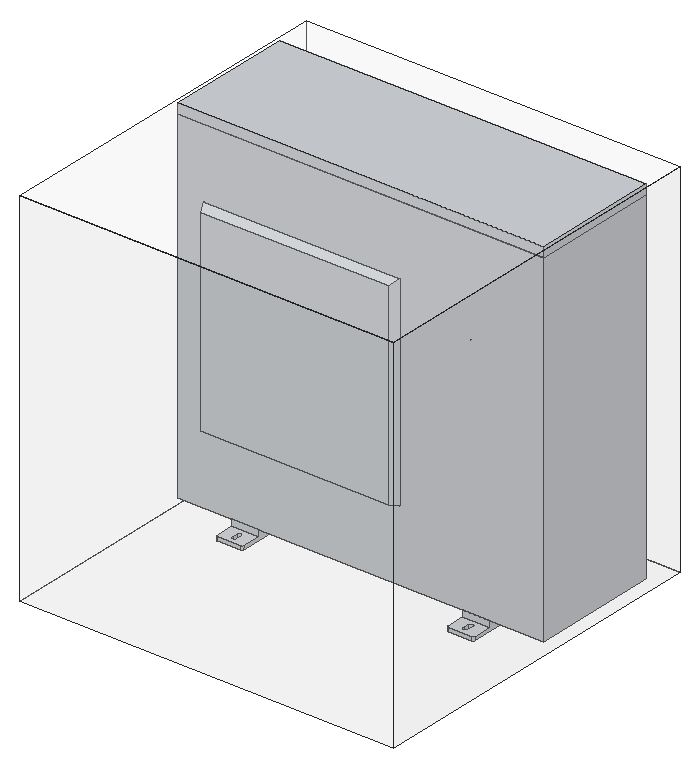
Revit family "puz-zrmp80sha_280ka13_60hz", category 機械設備, Revit 2019
Family settings
  丸型コネクタ寸法 = 直径を使用
  パーツ タイプ = 標準
  OmniClass 番号 = 23.75.10.24.21.27.27
  OmniClass タイトル = Split System Air Conditioning Units
  作業面ベース = いいえ
  常に垂直 = はい
  ロード時にボイドで切り取り = いいえ
  共有 = いいえ
  部屋計算ポイント = いいえ
Parameters (values of type "室外機_PUZ-ZRMP80SHA13 (-BS,BSG)")
  音響パワーレベル（冷）(dB) = 66
  音響パワーレベル(dB) = 68
  電源種別 = ""
  電源位置Y = 2 mm
  電源位置Z = 669 mm
  電源位置X = 275 mm
  電圧 = 200 V
  電動機出力_送風機 = 0.06 kW
  電動機出力_圧縮機 = 1.6 kW
  集中コントローラ [instance] = ""
  運転質量 = 0.00 kg
  運転方法 = "冷暖切替"
  質量 = if(製品質量 > 運転質量, 製品質量, 運転質量) * 1.2  # 84.00 kg
  負荷分類 = 1_熱源類
  説明 = "空冷H/P PAC インバータ室外機"
  設計暖房能力 [instance] = 0 kW
  設計冷房能力_顕熱 [instance] = 0 kW
  設計冷房能力 [instance] = 0 kW
  設置方法 = "床置形"
  記号 [instance] = ""
  製造元 = "三菱電機株式会社"
  製品質量 = 70.00 kg
  製品出荷対象 = "国内"
  製品リリース年月 = ""
  製品グループ = ""
  系統 [instance] = ""
  符号 = "PAC"
  積算_科目 = "1 空気調和設備"
  積算_拾い区分 [instance] = ""
  相 = 1
  盤記号 [instance] = ""
  発停方法 = "付属スイッチ"
  特殊仕様 [instance] = ""
  消費電力_暖房 = 2.34 kW
  消費電力_冷房 = 1.98 kW
  消費電力 = if(消費電力_冷房 > 消費電力_暖房, 消費電力_冷房, 消費電力_暖房)  # 2.34 kW
  法定耐用年数 = "6"
  構成品番 = "PUZ-ZRMP80SHA13 (-BS,-BSG)"
  極数 = 1
  材質 [instance] = ""
  本体マテリアル = none
  最小電線太さ_mm2 = 1.6
  最大電流値 = 0 A
  暖房能力 = 8 kW
  推奨ブレーカー容量 = 30 A
  据付ピッチ1 = 0 mm
  形式 = "パッケージ形 室外機"
  形名 = PUZ-ZRMP-2 : PUZ-ZRMP-2
  幹線記号 [instance] = ""
  始動方式 = "インバータ始動方式"
  呼称 = "パッケージ形空気調和機_室外機"
  周波数 = 60 Hz
  価格 = 0
  ドレン　位置Z = 23 mm
  ドレン　位置Y = 111 mm
  ドレン　位置X = 30 mm
  アンカーボルト位置Y = 370 mm
  アンカーボルト位置X = 600 mm
  参照している仕様書等のバージョン = "公共建築物標準仕様書（機械設備工事編）平成31年度版"
  分類コード = "50053003126100"
  分類グループ = ""
  冷房能力 = 7.1 kW
  冷媒管（ガス）位置X = 434 mm
  冷媒管（液）位置X = 377 mm
  冷媒管（液）位置Y = 290 mm
  冷媒管（ガス）位置Y = 229 mm
  冷媒管長 [instance] = 0 mm
  冷媒管径符号 = "Bd"
  冷媒管径 = 100.00 mm
  冷媒管位置Z = 447 mm
  冷媒管位置Y = (冷媒管（液）位置Y + 冷媒管（ガス）位置Y) / 2  # 259.5 mm
  冷媒管位置X = (冷媒管（液）位置X + 冷媒管（ガス）位置X) / 2  # 405.5 mm
  冷媒液管径 = 9.52 mm
  冷媒ガス管径 = 15.88 mm
  企業コード = "108420"
  付属品 [instance] = ""
  仕様書バージョン = "Version1.0"
  ユニット数 = 1
  ユニット3 = yes
  ユニット2 = yes
  Model = ""
  ドレン管径 = 33.00 mm
  サービススペース = yes
  コメント [instance] = ""
  ケーブル種類1 = ""
  【値が 0 の項目は組合せ形名にてご確認ください】 = ""
  Width = 950 mm
  Version = ""
  Uniclass2015Version = "Systems v1.9"
  Uniclass2015Title = "Split coil remote air cooled condensing units"
  Uniclass2015Code = "Pr_70_65_03_84"
  URL = "https://www.mitsubishielectric.co.jp/ldg/wink/ssl/top.do"
  SpecificationReference = ""
  SpecificationDescription = ""
  Revision = ""
  ProductInformation = ""
  OmniClassCode = "23-33 17 13 11"
  IfcTypeProduct = ""
  IfcProduct = ""
  IfcExportType = "AIRCONDITIONINGUNIT"
  IfcExportAs = "IfcUnitaryEquipmentType"
  Height = 943 mm
  Depth = 330 mm
  Clearance Top = 0 mm
  Clearance Right = 10 mm
  Clearance Left = 10 mm
  Clearance Front = 500 mm
  Clearance Bottom = 0 mm
  Clearance Back = 100 mm
  COP = 0
  Author = "三菱電機株式会社"
  APF = 0
Reference planes
  plane 1 "中心(正面/背面)": y = 74
  plane 2: z = 0
  plane 3 "中心(左/右)": x = 830
  plane 4 "右": x = 1305
  plane 5 "左": x = 355
  plane 6 "背面": y = 239
  plane 7 "正面": y = -91
  plane 8 "上部": z = 943
  plane 9 "Clearanse Top": z = 943
  plane 10 "SS_back": y = 339
  plane 11 "SS_front": y = -591
  plane 12 "SS_left": x = 345
  plane 13 "SS_right": x = 1315
  plane 14: z = 0
  plane 15: y = -89
  plane 16: x = 1105
  plane 17: z = 669
  plane 18: y = -87
  plane 19: y = -20.5
  plane 20: x = 1235.5
  plane 21: z = 447
  plane 22: z = 449
  plane 23: y = 128
  plane 24: x = 385
  plane 25: z = 25
  plane 26: z = 23
  plane 27: x = 530
  plane 28: x = 1130
  plane 29: y = 259
  plane 30: y = -111
Forms (mm)
  Extrusion 1, solid, detail levels fine
    sketch origin (0, -91, 0) x (1, 0, 0) y (0, 0, 1)
      loop
        circle (1105, 669) r 13.5
    from -4 to -2
  Extrusion 2, solid, detail levels fine
    sketch origin (-1437.329, -1524, 54) x (-1, 0, 0) y (0, -1, 0)
      loop
        circle (-2672.829, -1503.5) r 50
    from 393 to 395
  Extrusion 3, solid, detail levels fine
    sketch origin (-1437.329, -1524, 54) x (-1, 0, 0) y (0, -1, 0)
      loop
        circle (-1822.329, -1652) r 16.5
    from -31 to -29
Lines and regions (mm)
  model lines, not visible
    curve 1: line (460, 178.667, 1289.179) -> (460, 297.73, 1289.179)
    curve 2: line (460, 178.667, 1056.056) -> (460, 178.667, 1289.179)
    curve 3: line (460, 297.73, 1056.056) -> (460, 178.667, 1056.056)
    curve 4: line (460, 297.73, 1289.179) -> (460, 297.73, 1056.056)
    curve 5: line (460, 47.598, 1289.179) -> (460, 166.661, 1289.179)
    curve 6: line (460, 47.598, 1056.056) -> (460, 47.598, 1289.179)
    curve 7: line (460, 166.661, 1056.056) -> (460, 47.598, 1056.056)
    curve 8: line (460, 166.661, 1289.179) -> (460, 166.661, 1056.056)
    curve 9: line (460, -83.471, 1289.179) -> (460, 35.592, 1289.179)
    curve 10: line (460, -83.471, 1056.056) -> (460, -83.471, 1289.179)
    curve 11: line (460, 35.592, 1056.056) -> (460, -83.471, 1056.056)
    curve 12: line (460, 35.592, 1289.179) -> (460, 35.592, 1056.056)
    curve 13: line (460, -150.779, 1289.179) -> (460, -95.75, 1289.179)
    curve 14: line (460, -150.779, 1056.056) -> (460, -150.779, 1289.179)
    curve 15: line (460, -95.75, 1056.056) -> (460, -150.779, 1056.056)
    curve 16: line (460, -95.75, 1289.179) -> (460, -95.75, 1056.056)
    curve 17: line (460, -150.779, 1283.175) -> (460, -132.596, 1283.175)
    curve 18: line (460, -150.779, 1062.059) -> (460, -150.779, 1283.175)
    curve 19: line (460, -132.596, 1062.059) -> (460, -150.779, 1062.059)
    curve 20: line (460, -132.596, 1283.175) -> (460, -132.596, 1062.059)
    curve 21: line (460, 178.667, 1046.051) -> (460, 297.73, 1046.051)
    curve 22: line (460, 178.667, 812.928) -> (460, 178.667, 1046.051)
    curve 23: line (460, 297.73, 812.928) -> (460, 178.667, 812.928)
    curve 24: line (460, 297.73, 1046.051) -> (460, 297.73, 812.928)
    curve 25: line (460, 47.598, 1046.051) -> (460, 166.661, 1046.051)
    curve 26: line (460, 47.598, 812.928) -> (460, 47.598, 1046.051)
    curve 27: line (460, 166.661, 812.928) -> (460, 47.598, 812.928)
    curve 28: line (460, 166.661, 1046.051) -> (460, 166.661, 812.928)
    curve 29: line (460, -83.471, 1046.051) -> (460, 35.592, 1046.051)
    curve 30: line (460, -83.471, 812.928) -> (460, -83.471, 1046.051)
    curve 31: line (460, 35.592, 812.928) -> (460, -83.471, 812.928)
    curve 32: line (460, 35.592, 1046.051) -> (460, 35.592, 812.928)
    curve 33: line (460, -150.779, 1046.051) -> (460, -95.75, 1046.051)
    curve 34: line (460, -150.779, 812.928) -> (460, -150.779, 1046.051)
    curve 35: line (460, -95.75, 812.928) -> (460, -150.779, 812.928)
    curve 36: line (460, -95.75, 1046.051) -> (460, -95.75, 812.928)
    curve 37: line (460, -150.779, 1040.048) -> (460, -132.596, 1040.048)
    curve 38: line (460, -150.779, 818.931) -> (460, -150.779, 1040.048)
    curve 39: line (460, -132.596, 818.931) -> (460, -150.779, 818.931)
    curve 40: line (460, -132.596, 1040.048) -> (460, -132.596, 818.931)
    curve 41: line (460, 178.667, 802.923) -> (460, 297.73, 802.923)
    curve 42: line (460, 178.667, 569.8) -> (460, 178.667, 802.923)
    curve 43: line (460, 297.73, 569.8) -> (460, 178.667, 569.8)
    curve 44: line (460, 297.73, 802.923) -> (460, 297.73, 569.8)
    curve 45: line (460, 47.598, 802.923) -> (460, 166.661, 802.923)
    curve 46: line (460, 47.598, 569.8) -> (460, 47.598, 802.923)
    curve 47: line (460, 166.661, 569.8) -> (460, 47.598, 569.8)
    curve 48: line (460, 166.661, 802.923) -> (460, 166.661, 569.8)
    curve 49: line (460, -83.471, 802.923) -> (460, 35.592, 802.923)
    curve 50: line (460, -83.471, 569.8) -> (460, -83.471, 802.923)
    curve 51: line (460, 35.592, 569.8) -> (460, -83.471, 569.8)
    curve 52: line (460, 35.592, 802.923) -> (460, 35.592, 569.8)
    curve 53: line (460, -150.779, 802.923) -> (460, -95.75, 802.923)
    curve 54: line (460, -150.779, 569.8) -> (460, -150.779, 802.923)
    curve 55: line (460, -95.75, 569.8) -> (460, -150.779, 569.8)
    curve 56: line (460, -95.75, 802.923) -> (460, -95.75, 569.8)
    curve 57: line (460, -150.779, 796.92) -> (460, -132.596, 796.92)
    curve 58: line (460, -150.779, 575.803) -> (460, -150.779, 796.92)
    curve 59: line (460, -132.596, 575.803) -> (460, -150.779, 575.803)
    curve 60: line (460, -132.596, 796.92) -> (460, -132.596, 575.803)
    curve 61: line (460, 178.667, 559.795) -> (460, 297.73, 559.795)
    curve 62: line (460, 178.667, 326.672) -> (460, 178.667, 559.795)
    curve 63: line (460, 297.73, 326.672) -> (460, 178.667, 326.672)
    curve 64: line (460, 297.73, 559.795) -> (460, 297.73, 326.672)
    curve 65: line (460, 47.598, 559.795) -> (460, 166.661, 559.795)
    curve 66: line (460, 47.598, 326.672) -> (460, 47.598, 559.795)
    curve 67: line (460, 166.661, 326.672) -> (460, 47.598, 326.672)
    curve 68: line (460, 166.661, 559.795) -> (460, 166.661, 326.672)
    curve 69: line (460, -83.471, 559.795) -> (460, 35.592, 559.795)
    curve 70: line (460, -83.471, 326.672) -> (460, -83.471, 559.795)
    curve 71: line (460, 35.592, 326.672) -> (460, -83.471, 326.672)
    curve 72: line (460, 35.592, 559.795) -> (460, 35.592, 326.672)
    curve 73: line (460, -150.779, 559.795) -> (460, -95.75, 559.795)
    curve 74: line (460, -150.779, 326.672) -> (460, -150.779, 559.795)
    curve 75: line (460, -95.75, 326.672) -> (460, -150.779, 326.672)
    curve 76: line (460, -95.75, 559.795) -> (460, -95.75, 326.672)
    curve 77: line (460, -150.779, 553.792) -> (460, -132.596, 553.792)
    curve 78: line (460, -150.779, 332.675) -> (460, -150.779, 553.792)
    curve 79: line (460, -132.596, 332.675) -> (460, -150.779, 332.675)
    curve 80: line (460, -132.596, 553.792) -> (460, -132.596, 332.675)
    curve 81: line (460, 178.667, 316.667) -> (460, 297.73, 316.667)
    curve 82: line (460, 178.667, 83.544) -> (460, 178.667, 316.667)
    curve 83: line (460, 297.73, 83.544) -> (460, 178.667, 83.544)
    curve 84: line (460, 297.73, 316.667) -> (460, 297.73, 83.544)
    curve 85: line (460, 47.598, 316.667) -> (460, 166.661, 316.667)
    curve 86: line (460, 47.598, 83.544) -> (460, 47.598, 316.667)
    curve 87: line (460, 166.661, 83.544) -> (460, 47.598, 83.544)
    curve 88: line (460, 166.661, 316.667) -> (460, 166.661, 83.544)
    curve 89: line (460, -83.471, 316.667) -> (460, 35.592, 316.667)
    curve 90: line (460, -83.471, 83.544) -> (460, -83.471, 316.667)
    curve 91: line (460, 35.592, 83.544) -> (460, -83.471, 83.544)
    curve 92: line (460, 35.592, 316.667) -> (460, 35.592, 83.544)
    curve 93: line (460, -150.779, 316.667) -> (460, -95.75, 316.667)
    curve 94: line (460, -150.779, 83.544) -> (460, -150.779, 316.667)
    curve 95: line (460, -95.75, 83.544) -> (460, -150.779, 83.544)
    curve 96: line (460, -95.75, 316.667) -> (460, -95.75, 83.544)
    curve 97: line (460, -150.779, 310.664) -> (460, -132.596, 310.664)
    curve 98: line (460, -150.779, 89.547) -> (460, -150.779, 310.664)
    curve 99: line (460, -132.596, 89.547) -> (460, -150.779, 89.547)
    curve 100: line (460, -132.596, 310.664) -> (460, -132.596, 89.547)
Dimensions and locks
  equal spacing: plane 7 "正面", plane 1 "中心(正面/背面)", plane 6 "背面"
  "Depth": plane 7 "正面" to plane 6 "背面"
  "Width": plane 5 "左" to plane 4 "右"
  equal spacing: plane 5 "左", plane 3 "中心(左/右)", plane 4 "右"
  "Clearance Left": plane 12 "SS_left" to plane 5 "左"
  "Clearance Right": plane 4 "右" to plane 13 "SS_right"
  "Clearance Back": plane 6 "背面" to plane 10 "SS_back"
  "Clearance Front": plane 11 "SS_front" to plane 7 "正面"
  "Height": plane 8 "上部" to level
  "Clearance Top": plane 9 "Clearanse Top" to plane 8 "上部"
  "Clearance Bottom": level to plane 14
  "電源位置X": plane 3 "中心(左/右)" to plane 16
  "電源位置Y": plane 7 "正面" to plane 15
  "電源位置Z": plane 17 to level
  locked: plane 15 to plane 18 at 2
  "冷媒管位置X": plane 3 "中心(左/右)" to plane 20
  "冷媒管位置Y": plane 19 to plane 6 "背面"
  "冷媒管位置Z": plane 21 to level
  locked: plane 22 to plane 21 at 2
  "ドレン　位置X": plane 5 "左" to plane 24
  "ドレン　位置Y": plane 23 to plane 6 "背面"
  locked: plane 25 to plane 26 at 2
  "ドレン　位置Z": plane 26 to level
  equal spacing: plane 30, plane 1 "中心(正面/背面)", plane 29
  "アンカーボルト位置Y": plane 30 to plane 29
  equal spacing: plane 27, plane 3 "中心(左/右)", plane 28
  "アンカーボルト位置X": plane 27 to plane 28
  radius of Extrusion 1 sketch curve = 13.5 mm
  "冷媒管径": diameter of Extrusion 2 sketch curve
  "ドレン管径": diameter of Extrusion 3 sketch curve
  aligned and locked: level to plane 2
  aligned and locked: plane 10 "SS_back" to nested 1  (x2)
  aligned and locked: plane 13 "SS_right" to nested 1
  aligned and locked: plane 12 "SS_left" to nested 1  (x2)
  aligned and locked: nested 1 to plane 13 "SS_right"
  aligned and locked: plane 11 "SS_front" to nested 1
  aligned and locked: plane 9 "Clearanse Top" to nested 1
  aligned and locked: plane 1 "中心(正面/背面)" to nested 2
  aligned and locked: plane 3 "中心(左/右)" to nested 2
  aligned and locked: plane 14 to nested 1
  aligned and locked: plane 17 to Extrusion 1 sketch curve
  aligned and locked: plane 16 to Extrusion 1 sketch curve
  aligned and locked: Extrusion 1 to plane 18
  aligned and locked: plane 15 to Extrusion 1
  aligned and locked: plane 19 to Extrusion 2 sketch curve
  aligned and locked: plane 20 to Extrusion 2 sketch curve
  aligned and locked: plane 22 to Extrusion 2
  aligned and locked: Extrusion 2 to plane 21
  aligned and locked: plane 24 to Extrusion 3 sketch curve
  aligned and locked: plane 23 to Extrusion 3 sketch curve
  aligned and locked: plane 25 to Extrusion 3
  aligned and locked: Extrusion 3 to plane 26
  aligned and locked: plane 27 to nested 3
  aligned and locked: plane 29 to nested 3
Nested families
  nested 1: "サービススペース" at (830, -126, 471.5), visible <- "サービススペース", type "サービススペース"
    with Width 970 mm, Height 943 mm, Depth 930 mm
  nested 2: "PUZ-ZRMP-2" at (830, 74, 0), type <- "形名", type "PUZ-ZRMP-2"
  nested 3: "固定点" at (530, -111, 0), type "固定点"
    with W 600 mm, D 370 mm
Connectors
  piping at (1235.5, -20.5, 447), diameter 100, driven by "冷媒管径", driven by "冷媒管径符号"
    settings: on Extrusion 2, index 1, connector inside diameter 609.60 mm, connector length 0 mm, flow factor 0, pipe flow 0.0 L/s, pressure drop 0.0 Pa, fitting loss kfactor 0, connector angle 0.00°, fixture units 0, engagement length 0 mm, angle of deflection 0.00°, flow configuration 1, flow direction 2, fitting loss method 4, system type 7, joint type 0, gender type 0, connector reference index -1, connector utility 0, adjustable connector no, is connector primary yes, connector description "Bd"
  electrical at (1105, -89, 669), driven by "極数", driven by "負荷分類", driven by "電圧", driven by "消費電力"
    settings: on Extrusion 1, index 2, voltage 200 V, apparent load 2340 VA, apparent load phase1 0 VA, apparent load phase2 0 VA, apparent load phase3 0 VA, power factor 1, load classification "1_熱源類", number of poles 1, system type 30, power factor state 1, is connector primary yes, connector utility no, sub classification motor no, connector description ""
Definition of nested family "サービススペース"
  Parameters (values of type "サービススペース")
    Width [instance] = 500 mm
    Height [instance] = 500 mm
    Depth [instance] = 500 mm
  Reference planes
    plane 1 "中心(正面/背面)": y = 0
    plane 2: z = 0
    plane 3 "中心(左/右)": x = 0
    plane 4: y = -250
    plane 5: x = 250
    plane 6: y = 250
    plane 7: x = -250
    plane 8: z = 250
    plane 9: z = -250
  Forms (mm)
    Extrusion 1, solid
      sketch origin (-638.939, 0, 72.39) x (1, 0, 0) y (0, 1, 0)
        loop
          line (388.939, 250) -> (388.939, -250) -> (888.939, -250) -> (888.939, 250) -> (388.939, 250)
      from -322.39 to 177.61
  Lines and regions (mm)
    symbolic lines
      curve 1: line (-250, 0, 250) -> (250, 0, 250)
      curve 2: line (-250, 0, -250) -> (-250, 0, 250)
      curve 3: line (250, 0, -250) -> (-250, 0, -250)
      curve 4: line (250, 0, 250) -> (250, 0, -250)
      curve 5: line (0, -250, 250) -> (0, 250, 250)
      curve 6: line (0, -250, -250) -> (0, -250, 250)
      curve 7: line (0, 250, -250) -> (0, -250, -250)
      curve 8: line (0, 250, 250) -> (0, 250, -250)
      curve 9: line (-250, 250, 0) -> (250, 250, 0)
      curve 10: line (-250, -250, 0) -> (-250, 250, 0)
      curve 11: line (250, -250, 0) -> (-250, -250, 0)
      curve 12: line (250, 250, 0) -> (250, -250, 0)
  Dimensions and locks
    equal spacing: plane 7, plane 3 "中心(左/右)", plane 5
    equal spacing: plane 4, plane 1 "中心(正面/背面)", plane 6
    "Depth": plane 4 to plane 6
    "Width": plane 7 to plane 5
    equal spacing: plane 8, plane 2, plane 9
    "Height": plane 8 to plane 9
    aligned and locked: plane 9 to curve 3
    aligned and locked: plane 7 to curve 2
    aligned and locked: curve 4 to plane 5
    aligned and locked: plane 5 to Extrusion 1
    aligned and locked: Extrusion 1 to plane 7
    aligned and locked: Extrusion 1 to plane 9
    aligned and locked: plane 8 to Extrusion 1
    aligned and locked: plane 9 to curve 7
  Automatic sketch dimensions
    plane 4 to Extrusion 1 sketch curve = 0 mm
    Extrusion 1 sketch curve to plane 7 = 0 mm
    Extrusion 1 sketch curve to plane 5 = 0 mm
    plane 6 to Extrusion 1 sketch curve = 0 mm
    curve 2 to plane 8 = 0 mm
    plane 4 to curve 11 = 0 mm
    curve 11 to plane 7 = 0 mm
    curve 11 to plane 5 = 0 mm
    plane 6 to curve 10 = 0 mm
    curve 7 to plane 4 = 0 mm
    curve 7 to plane 6 = 0 mm
    curve 6 to plane 8 = 0 mm
Definition of nested family "PUZ-ZRMP-2"
  Parameters (values of type "PUZ-ZRMP-2")
    配線取出口サイズ = 27 mm
    配線取出口-Z = 669 mm
    配線取出口-Y = 325 mm
    配線取出口-X = 275 mm
    液配管サイズ = 100 mm
    高さ = 943 mm
    換気-W = 322 mm
    換気-H2 = 632 mm
    換気-H1 = 473 mm
    換気-D = 25 mm
    奥行き = 330 mm
    吊りボルト_H = 0 mm
    吊りボルト-φ = 12 mm
    冷媒配管サイズ = 9.52 mm
    冷媒液管径-Z = 447 mm
    冷媒液管径-Y = 290 mm
    冷媒液管径-X = 377 mm
    冷媒ガス管径-Z = 431 mm
    冷媒ガス管径-Y = 229 mm
    冷媒ガス管径-X = 434 mm
    吊りボルト-W = 600 mm
    マテリアル = none
    ドレン配管サイズ = 33 mm
    ドレン管径-Z = 0 mm
    ドレン管径-Y = 219 mm
    ドレン管径-X = 445 mm
    タイプ3 = no
    タイプ2 = yes
    タイプ1 = no
    ガス配管サイズ = 15.88 mm
    吊りボルト-D = 370 mm
    幅さ = 950 mm
    a = 幅さ / 2  # 475 mm
  Reference planes
    plane 1 "中心(正面/背面)": y = 0
    plane 2: z = 0
    plane 3 "中心(左/右)": x = 0
    plane 4: z = 943
    plane 5: x = -475
    plane 6: x = 475
    plane 7: y = 165
    plane 8: y = -165
    plane 9: x = 537
    plane 10: y = -105
    plane 11: y = 5
    plane 12: z = 918
    plane 13: x = -495
    plane 14: x = -300
    plane 15: x = 300
    plane 16: y = 185
    plane 17: y = -185
    plane 18: x = 335
    plane 19: x = 265
    plane 20: x = -265
    plane 21: x = -335
    plane 22: y = 204
    plane 23: y = -218
    plane 24: z = 8.5
    plane 25: z = 25
    plane 26: z = 23
    plane 27: x = -185
    plane 28: x = 170
    plane 29: z = 938
    plane 30: y = -40
    plane 31: y = 40
    plane 32: y = -30
    plane 33: y = 30
    plane 34: z = 923
    plane 35: z = 55
    plane 36: z = 225
    plane 37: z = 570
    plane 38: x = 485
    plane 39: x = 506
    plane 40: y = -190
    plane 41: x = -153
    plane 42: z = 473
    plane 43: x = 101
    plane 44: x = -407
    plane 45: z = 737
    plane 46: z = 209
    plane 47: x = -397
    plane 48: x = 91
    plane 49: z = 727
    plane 50: z = 219
    plane 51: y = 115
    plane 52: y = -115
    plane 53: y = 54
    plane 54: x = 434
    plane 55: x = 275
    plane 56: y = -160
    plane 57: y = -125
    plane 58: y = -64
    plane 59: x = 377
    plane 60: z = 431
    plane 61: z = 447
    plane 62: z = 669
    plane 63: y = -110
    plane 64: z = 531
    plane 65: z = 547
    plane 66: x = 405.5
    plane 67: y = -94.5
    plane 68 "グループ": x = -475
    plane 69: z = 1338
    plane 70: z = 943
    plane 71: z = 1105
    plane 72: z = 1369
    plane 73: z = 841
    plane 74: z = 1359
    plane 75: z = 851
    plane 76: x = -445
    plane 77: y = 135
    plane 78: x = -225
    plane 79: x = -80
    plane 80: x = 65
    plane 81: x = 210
  Forms (mm)
    Extrusion 1, solid, visible <- "タイプ2", detail levels fine
      sketch origin (-1437.329, -1524, 943) x (-1, 0, 0) y (0, -1, 0)
        loop
          line (-1102.329, -1689) -> (-1102.329, -1359) -> (-1172.329, -1359) -> (-1172.329, -1689) -> (-1102.329, -1689)
        loop
          line (-1702.329, -1689) -> (-1702.329, -1359) -> (-1772.329, -1359) -> (-1772.329, -1689) -> (-1702.329, -1689)
      from -943 to -918
    Extrusion 2, solid, material <- "マテリアル", visible <- "タイプ2", detail levels fine
      sketch origin (-1437.329, -1524, 943) x (-1, 0, 0) y (0, -1, 0)
        loop
          line (-1912.329, -1689) -> (-962.329, -1689) -> (-962.329, -1359) -> (-1912.329, -1359) -> (-1912.329, -1689)
      from -918 to -25
    Extrusion 3, solid, material <- "マテリアル", visible <- "タイプ2", detail levels fine
      sketch origin (-1437.329, -1524, 943) x (-1, 0, 0) y (0, -1, 0)
        loop
          line (-962.329, -1689) -> (-962.329, -1359) -> (-1912.329, -1359) -> (-1912.329, -1689) -> (-962.329, -1689)
      from -25 to 0
    Blend 4, solid, material <- "マテリアル", visible <- "タイプ2", detail levels fine
      base sketch origin (0, 0, 0) x (1, 0, 0) y (0, 0, 1)
        loop
          line (-407, 737) -> (-407, 209) -> (101, 209) -> (101, 737) -> (-407, 737)
      top sketch origin (0, 0, 0) x (1, 0, 0) y (0, 0, 1)
        loop
          line (-397, 727) -> (-397, 219) -> (91, 219) -> (91, 727) -> (-397, 727)
      from 165 to 190
    Extrusion 5, solid, material <- "マテリアル", visible <- "タイプ2", detail levels fine
      sketch origin (-1437.329, -1524, 943) x (-1, 0, 0) y (0, -1, 0)
        loop
          circle (-1871.329, -1460) r 7.94
      from -512 to -412
    Extrusion 6, solid, material <- "マテリアル", visible <- "タイプ2", detail levels fine
      sketch origin (-1437.329, -1524, 943) x (-1, 0, 0) y (0, -1, 0)
        loop
          circle (-1814.329, -1399) r 4.76
      from -496 to -396
    Extrusion 7, solid, material <- "マテリアル", visible <- "タイプ2", detail levels fine
      sketch origin (1480.036, -190, 1200) x (1, 0, 0) y (0, 0, 1)
        loop
          circle (-1205.036, -531) r 13.5
      from -80 to -30
    Extrusion 8, solid, material <- "マテリアル", visible <- "タイプ2", detail levels fine
      sketch origin (-1437.329, -1524, 943) x (-1, 0, 0) y (0, -1, 0)
        loop
          circle (-1842.829, -1429.5) r 50
      from -496 to -396
    Extrusion 9, solid, visible <- "タイプ2", detail levels fine
      sketch origin (-1437.329, -1524, 943) x (-1, 0, 0) y (0, -1, 0)
        loop
          line (-1102.329, -1728) -> (-1102.329, -1689) -> (-1172.329, -1689) -> (-1172.329, -1728) -> (-1143.329, -1728) -> (-1143.329, -1709)
          arc (-1143.329, -1709) -> (-1137.329, -1703) -> (-1131.329, -1709) r 6
          line (-1131.329, -1709) -> (-1131.329, -1728) -> (-1102.329, -1728)
        loop
          line (-1102.329, -1359) -> (-1102.329, -1311)
          arc (-1102.329, -1311) -> (-1103.794, -1307.464) -> (-1107.329, -1306) r 5
          line (-1107.329, -1306) -> (-1167.329, -1306)
          arc (-1167.329, -1306) -> (-1170.865, -1307.464) -> (-1172.329, -1311) r 5
          line (-1172.329, -1311) -> (-1172.329, -1359) -> (-1102.329, -1359)
        loop
          arc (-1143.329, -1339) -> (-1137.329, -1345) -> (-1131.329, -1339) r 6
          line (-1131.329, -1339) -> (-1131.329, -1324)
          arc (-1131.329, -1324) -> (-1137.329, -1318) -> (-1143.329, -1324) r 6
          line (-1143.329, -1324) -> (-1143.329, -1339)
        loop
          line (-1772.329, -1728) -> (-1743.329, -1728) -> (-1743.329, -1709)
          arc (-1743.329, -1709) -> (-1737.329, -1703) -> (-1731.329, -1709) r 6
          line (-1731.329, -1709) -> (-1731.329, -1728) -> (-1702.329, -1728) -> (-1702.329, -1689) -> (-1772.329, -1689) -> (-1772.329, -1728)
        loop
          line (-1772.329, -1359) -> (-1702.329, -1359) -> (-1702.329, -1311)
          arc (-1702.329, -1311) -> (-1703.794, -1307.464) -> (-1707.329, -1306) r 5
          line (-1707.329, -1306) -> (-1767.329, -1306)
          arc (-1767.329, -1306) -> (-1770.865, -1307.464) -> (-1772.329, -1311) r 5
          line (-1772.329, -1311) -> (-1772.329, -1359)
        loop
          line (-1731.329, -1339) -> (-1731.329, -1324)
          arc (-1731.329, -1324) -> (-1737.329, -1318) -> (-1743.329, -1324) r 6
          line (-1743.329, -1324) -> (-1743.329, -1339)
          arc (-1743.329, -1339) -> (-1737.329, -1345) -> (-1731.329, -1339) r 6
      from -943 to -934.5
    Extrusion 10, solid, material <- "マテリアル", visible <- "タイプ2", detail levels fine
      sketch origin (-1437.329, -1524, 943) x (-1, 0, 0) y (0, -1, 0)
        loop
          circle (-992.329, -1578) r 16.5
        loop
          circle (-1212.329, -1659) r 16.5
        loop
          circle (-1357.329, -1659) r 16.5
        loop
          circle (-1502.329, -1659) r 16.5
        loop
          circle (-1647.329, -1659) r 16.5
      from -920 to -918
  Cuts and joins
    joined: Extrusion 1, Extrusion 9
  Lines and regions (mm)
    Masking region 1, visible <- "タイプ2", detail levels coarse+medium
      outline origin (-1437.329, -1524, 943) x (-1, 0, 0) y (0, -1, 0)
        loop
          line (-1912.329, -1689) -> (-1772.329, -1689) -> (-1772.329, -1728) -> (-1702.329, -1728) -> (-1702.329, -1689) -> (-1172.329, -1689) -> (-1172.329, -1728) -> (-1102.329, -1728) -> (-1102.329, -1689) -> (-962.329, -1689) -> (-962.329, -1359) -> (-1030.329, -1359) -> (-1040.329, -1334) -> (-1102.329, -1334) -> (-1102.329, -1306) -> (-1172.329, -1306) -> (-1172.329, -1334) -> (-1528.329, -1334) -> (-1538.329, -1359) -> (-1702.329, -1359) -> (-1702.329, -1306) -> (-1772.329, -1306) -> (-1772.329, -1359) -> (-1912.329, -1359) -> (-1912.329, -1689)
    model lines, visible <- "タイプ2", detail levels fine
      curve 1: line (395, 115, 943) -> (-395, 115, 943)
      curve 2: line (-395, -115, 943) -> (395, -115, 943)
      curve 3: line (-395, -45, 943) -> (395, -45, 943)
      curve 4: line (395, 45, 943) -> (-395, 45, 943)
      curve 5: line (-395, -35, 943) -> (395, -35, 943)
      curve 6: line (395, 35, 943) -> (-395, 35, 943)
      curve 7: line (-395, 115, 943) -> (-395, 45, 943)
      curve 8: line (395, -115, 943) -> (395, -45, 943)
      curve 9: line (-395, 35, 943) -> (-395, -35, 943)
      curve 10: line (-395, -45, 943) -> (-395, -115, 943)
      curve 11: line (395, -35, 943) -> (395, 35, 943)
      curve 12: line (395, 45, 943) -> (395, 115, 943)
      curve 13: line (425, -115, 943) -> (425, 115, 943)
      curve 14: line (410, -115, 943) -> (410, 115, 943)
      curve 15: line (-425, 115, 943) -> (-425, -115, 943)
      curve 16: line (-410, 115, 943) -> (-410, -115, 943)
      curve 17: line (-410, 115, 943) -> (-425, 115, 943)
      curve 18: line (-410, -115, 943) -> (-425, -115, 943)
      curve 19: line (410, 115, 943) -> (425, 115, 943)
      curve 20: line (410, -115, 943) -> (425, -115, 943)
      curve 21: line (-397, -190, 520.5) -> (91, -190, 520.5)
      curve 22: line (91, -190, 425.5) -> (-397, -190, 425.5)
      curve 23: line (-397, -190, 615.5) -> (91, -190, 615.5)
      curve 24: line (-397, -190, 710.5) -> (91, -190, 710.5)
      curve 25: line (91, -190, 330.5) -> (-397, -190, 330.5)
      curve 26: line (91, -190, 235.5) -> (-397, -190, 235.5)
      curve 27: line (-379.571, -190, 727) -> (-379.571, -190, 219)
      curve 28: line (73.571, -190, 219) -> (73.571, -190, 727)
      curve 29: line (-362.143, -190, 727) -> (-362.143, -190, 219)
      curve 30: line (-344.714, -190, 727) -> (-344.714, -190, 219)
      curve 31: line (-327.286, -190, 727) -> (-327.286, -190, 219)
      curve 32: line (-309.857, -190, 727) -> (-309.857, -190, 219)
      curve 33: line (-292.429, -190, 727) -> (-292.429, -190, 219)
      curve 34: line (-275, -190, 727) -> (-275, -190, 219)
      curve 35: line (-257.571, -190, 727) -> (-257.571, -190, 219)
      curve 36: line (-240.143, -190, 727) -> (-240.143, -190, 219)
      curve 37: line (-222.714, -190, 727) -> (-222.714, -190, 219)
      curve 38: line (-205.286, -190, 727) -> (-205.286, -190, 219)
      curve 39: line (-187.857, -190, 727) -> (-187.857, -190, 219)
      curve 40: line (-170.429, -190, 727) -> (-170.429, -190, 219)
      curve 41: line (-153, -190, 727) -> (-153, -190, 219)
      curve 42: line (-135.571, -190, 727) -> (-135.571, -190, 219)
      curve 43: line (-118.143, -190, 727) -> (-118.143, -190, 219)
      curve 44: line (-100.714, -190, 727) -> (-100.714, -190, 219)
      curve 45: line (-83.286, -190, 727) -> (-83.286, -190, 219)
      curve 46: line (-65.857, -190, 727) -> (-65.857, -190, 219)
      curve 47: line (-48.429, -190, 727) -> (-48.429, -190, 219)
      curve 48: line (-31, -190, 727) -> (-31, -190, 219)
      curve 49: line (-13.571, -190, 727) -> (-13.571, -190, 219)
      curve 50: line (3.857, -190, 727) -> (3.857, -190, 219)
      curve 51: line (21.286, -190, 727) -> (21.286, -190, 219)
      curve 52: line (38.714, -190, 727) -> (38.714, -190, 219)
      curve 53: line (56.143, -190, 727) -> (56.143, -190, 219)
      curve 54: line (-475, -100, 33.5) -> (-475, -60, 33.5)
      curve 55: line (-475, -100, 73.5) -> (-475, -100, 33.5)
      curve 56: line (-475, -60, 73.5) -> (-475, -100, 73.5)
      curve 57: line (-475, -60, 33.5) -> (-475, -60, 73.5)
      curve 58: line (-475, 60, 33.5) -> (-475, 100, 33.5)
      curve 59: line (-475, 60, 73.5) -> (-475, 60, 33.5)
      curve 60: line (-475, 100, 73.5) -> (-475, 60, 73.5)
      curve 61: line (-475, 100, 33.5) -> (-475, 100, 73.5)
      curve 62: line (-475, -46.667, 33.5) -> (-475, -6.667, 33.5)
      curve 63: line (-475, -46.667, 73.5) -> (-475, -46.667, 33.5)
      curve 64: line (-475, -6.667, 73.5) -> (-475, -46.667, 73.5)
      curve 65: line (-475, -6.667, 33.5) -> (-475, -6.667, 73.5)
      curve 66: line (-475, 6.667, 33.5) -> (-475, 46.667, 33.5)
      curve 67: line (-475, 6.667, 73.5) -> (-475, 6.667, 33.5)
      curve 68: line (-475, 46.667, 73.5) -> (-475, 6.667, 73.5)
      curve 69: line (-475, 46.667, 33.5) -> (-475, 46.667, 73.5)
      curve 70: line (-475, -100, 87) -> (-475, -60, 87)
      curve 71: line (-475, -100, 277) -> (-475, -100, 87)
      curve 72: line (-475, -60, 277) -> (-475, -100, 277)
      curve 73: line (-475, -60, 87) -> (-475, -60, 277)
      curve 74: line (-475, -100, 292) -> (-475, -60, 292)
      curve 75: line (-475, -100, 482) -> (-475, -100, 292)
      curve 76: line (-475, -60, 482) -> (-475, -100, 482)
      curve 77: line (-475, -60, 292) -> (-475, -60, 482)
      curve 78: line (-475, -100, 497) -> (-475, -60, 497)
      curve 79: line (-475, -100, 687) -> (-475, -100, 497)
      curve 80: line (-475, -60, 687) -> (-475, -100, 687)
      curve 81: line (-475, -60, 497) -> (-475, -60, 687)
      curve 82: line (-475, -100, 702) -> (-475, -60, 702)
      curve 83: line (-475, -100, 892) -> (-475, -100, 702)
      curve 84: line (-475, -60, 892) -> (-475, -100, 892)
      curve 85: line (-475, -60, 702) -> (-475, -60, 892)
      curve 86: line (-475, 60, 87) -> (-475, 100, 87)
      curve 87: line (-475, 60, 277) -> (-475, 60, 87)
      curve 88: line (-475, 100, 277) -> (-475, 60, 277)
      curve 89: line (-475, 100, 87) -> (-475, 100, 277)
      curve 90: line (-475, -46.667, 87) -> (-475, -6.667, 87)
      curve 91: line (-475, -46.667, 277) -> (-475, -46.667, 87)
      curve 92: line (-475, -6.667, 277) -> (-475, -46.667, 277)
      curve 93: line (-475, -6.667, 87) -> (-475, -6.667, 277)
      curve 94: line (-475, 6.667, 87) -> (-475, 46.667, 87)
      curve 95: line (-475, 6.667, 277) -> (-475, 6.667, 87)
      curve 96: line (-475, 46.667, 277) -> (-475, 6.667, 277)
      curve 97: line (-475, 46.667, 87) -> (-475, 46.667, 277)
      curve 98: line (-475, 60, 292) -> (-475, 100, 292)
      curve 99: line (-475, 60, 482) -> (-475, 60, 292)
      curve 100: line (-475, 100, 482) -> (-475, 60, 482)
      curve 101: line (-475, 100, 292) -> (-475, 100, 482)
      curve 102: line (-475, 60, 702) -> (-475, 100, 702)
      curve 103: line (-475, 60, 892) -> (-475, 60, 702)
      curve 104: line (-475, 100, 892) -> (-475, 60, 892)
      curve 105: line (-475, 100, 702) -> (-475, 100, 892)
      curve 106: line (-475, -46.667, 292) -> (-475, -6.667, 292)
      curve 107: line (-475, -46.667, 482) -> (-475, -46.667, 292)
      curve 108: line (-475, -6.667, 482) -> (-475, -46.667, 482)
      curve 109: line (-475, -6.667, 292) -> (-475, -6.667, 482)
      curve 110: line (-475, -46.667, 497) -> (-475, -6.667, 497)
      curve 111: line (-475, -46.667, 687) -> (-475, -46.667, 497)
      curve 112: line (-475, -6.667, 687) -> (-475, -46.667, 687)
      curve 113: line (-475, -6.667, 497) -> (-475, -6.667, 687)
      curve 114: line (-475, -46.667, 702) -> (-475, -6.667, 702)
      curve 115: line (-475, -46.667, 892) -> (-475, -46.667, 702)
      curve 116: line (-475, -6.667, 892) -> (-475, -46.667, 892)
      curve 117: line (-475, -6.667, 702) -> (-475, -6.667, 892)
      curve 118: line (-475, 6.667, 292) -> (-475, 46.667, 292)
      curve 119: line (-475, 6.667, 482) -> (-475, 6.667, 292)
      curve 120: line (-475, 46.667, 482) -> (-475, 6.667, 482)
      curve 121: line (-475, 46.667, 292) -> (-475, 46.667, 482)
      curve 122: line (-475, 6.667, 497) -> (-475, 46.667, 497)
      curve 123: line (-475, 6.667, 687) -> (-475, 6.667, 497)
      curve 124: line (-475, 46.667, 687) -> (-475, 6.667, 687)
      curve 125: line (-475, 46.667, 497) -> (-475, 46.667, 687)
      curve 126: line (-475, 6.667, 702) -> (-475, 46.667, 702)
      curve 127: line (-475, 6.667, 892) -> (-475, 6.667, 702)
      curve 128: line (-475, 46.667, 892) -> (-475, 6.667, 892)
      curve 129: line (-475, 46.667, 702) -> (-475, 46.667, 892)
    model lines, visible <- "タイプ3", not visible
      curve 130: line (-404.5, -100, 907) -> (-404.5, -60, 907)
      curve 131: line (-404.5, -100, 1097) -> (-404.5, -100, 907)
      curve 132: line (-404.5, -60, 1097) -> (-404.5, -100, 1097)
      curve 133: line (-404.5, -60, 907) -> (-404.5, -60, 1097)
      curve 134: line (-404.5, 60, 907) -> (-404.5, 100, 907)
      curve 135: line (-404.5, 60, 1097) -> (-404.5, 60, 907)
      curve 136: line (-404.5, 100, 1097) -> (-404.5, 60, 1097)
      curve 137: line (-404.5, 100, 907) -> (-404.5, 100, 1097)
      curve 138: line (-404.5, -46.667, 907) -> (-404.5, -6.667, 907)
      curve 139: line (-404.5, -46.667, 1097) -> (-404.5, -46.667, 907)
      curve 140: line (-404.5, -6.667, 1097) -> (-404.5, -46.667, 1097)
      curve 141: line (-404.5, -6.667, 907) -> (-404.5, -6.667, 1097)
      curve 142: line (-404.5, 6.667, 907) -> (-404.5, 46.667, 907)
      curve 143: line (-404.5, 6.667, 1097) -> (-404.5, 6.667, 907)
      curve 144: line (-404.5, 46.667, 1097) -> (-404.5, 6.667, 1097)
      curve 145: line (-404.5, 46.667, 907) -> (-404.5, 46.667, 1097)
      curve 146: line (-404.5, -100, 1112) -> (-404.5, -60, 1112)
      curve 147: line (-404.5, -100, 1302) -> (-404.5, -100, 1112)
      curve 148: line (-404.5, -60, 1302) -> (-404.5, -100, 1302)
      curve 149: line (-404.5, -60, 1112) -> (-404.5, -60, 1302)
      curve 150: line (-404.5, 60, 1112) -> (-404.5, 100, 1112)
      curve 151: line (-404.5, 60, 1302) -> (-404.5, 60, 1112)
      curve 152: line (-404.5, 100, 1302) -> (-404.5, 60, 1302)
      curve 153: line (-404.5, 100, 1112) -> (-404.5, 100, 1302)
      curve 154: line (-404.5, -46.667, 1112) -> (-404.5, -6.667, 1112)
      curve 155: line (-404.5, -46.667, 1302) -> (-404.5, -46.667, 1112)
      curve 156: line (-404.5, -6.667, 1302) -> (-404.5, -46.667, 1302)
      curve 157: line (-404.5, -6.667, 1112) -> (-404.5, -6.667, 1302)
      curve 158: line (-404.5, 6.667, 1112) -> (-404.5, 46.667, 1112)
      curve 159: line (-404.5, 6.667, 1302) -> (-404.5, 6.667, 1112)
      curve 160: line (-404.5, 46.667, 1302) -> (-404.5, 6.667, 1302)
      curve 161: line (-404.5, 46.667, 1112) -> (-404.5, 46.667, 1302)
    model lines, visible <- "タイプ2", not visible
      curve 162: line (-600, -100, 33.5) -> (-600, -60, 33.5)
      curve 163: line (-600, -100, 73.5) -> (-600, -100, 33.5)
      curve 164: line (-600, -60, 73.5) -> (-600, -100, 73.5)
      curve 165: line (-600, -60, 33.5) -> (-600, -60, 73.5)
      curve 166: line (-600, 60, 33.5) -> (-600, 100, 33.5)
      curve 167: line (-600, 60, 73.5) -> (-600, 60, 33.5)
      curve 168: line (-600, 100, 73.5) -> (-600, 60, 73.5)
      curve 169: line (-600, 100, 33.5) -> (-600, 100, 73.5)
      curve 170: line (-509, -46.667, 33.5) -> (-509, -6.667, 33.5)
      curve 171: line (-509, -46.667, 73.5) -> (-509, -46.667, 33.5)
      curve 172: line (-509, -6.667, 73.5) -> (-509, -46.667, 73.5)
      curve 173: line (-509, -6.667, 33.5) -> (-509, -6.667, 73.5)
      curve 174: line (-509, 6.667, 33.5) -> (-509, 46.667, 33.5)
      curve 175: line (-509, 6.667, 73.5) -> (-509, 6.667, 33.5)
      curve 176: line (-509, 46.667, 73.5) -> (-509, 6.667, 73.5)
      curve 177: line (-509, 46.667, 33.5) -> (-509, 46.667, 73.5)
    model lines, visible <- "タイプ2", not visible, detail levels fine
      curve 178: line (-475, -100, 87) -> (-475, -60, 87)
      curve 179: line (-475, -100, 277) -> (-475, -100, 87)
      curve 180: line (-475, -60, 277) -> (-475, -100, 277)
      curve 181: line (-475, -60, 87) -> (-475, -60, 277)
      curve 182: line (-475, -100, 292) -> (-475, -60, 292)
      curve 183: line (-475, -100, 482) -> (-475, -100, 292)
      curve 184: line (-475, -60, 482) -> (-475, -100, 482)
      curve 185: line (-475, -60, 292) -> (-475, -60, 482)
      curve 186: line (-475, -100, 497) -> (-475, -60, 497)
      curve 187: line (-475, -100, 687) -> (-475, -100, 497)
      curve 188: line (-475, -60, 687) -> (-475, -100, 687)
      curve 189: line (-475, -60, 497) -> (-475, -60, 687)
      curve 190: line (-475, -100, 702) -> (-475, -60, 702)
      curve 191: line (-475, -100, 892) -> (-475, -100, 702)
      curve 192: line (-475, -60, 892) -> (-475, -100, 892)
      curve 193: line (-475, -60, 702) -> (-475, -60, 892)
      curve 194: line (-475, 60, 87) -> (-475, 100, 87)
      curve 195: line (-475, 60, 277) -> (-475, 60, 87)
      curve 196: line (-475, 100, 277) -> (-475, 60, 277)
      curve 197: line (-475, 100, 87) -> (-475, 100, 277)
      curve 198: line (-475, -46.667, 87) -> (-475, -6.667, 87)
      curve 199: line (-475, -46.667, 277) -> (-475, -46.667, 87)
      curve 200: line (-475, -6.667, 277) -> (-475, -46.667, 277)
      curve 201: line (-475, -6.667, 87) -> (-475, -6.667, 277)
      curve 202: line (-475, 6.667, 87) -> (-475, 46.667, 87)
      curve 203: line (-475, 6.667, 277) -> (-475, 6.667, 87)
      curve 204: line (-475, 46.667, 277) -> (-475, 6.667, 277)
      curve 205: line (-475, 46.667, 87) -> (-475, 46.667, 277)
      curve 206: line (-475, 60, 292) -> (-475, 100, 292)
      curve 207: line (-475, 60, 482) -> (-475, 60, 292)
      curve 208: line (-475, 100, 482) -> (-475, 60, 482)
      curve 209: line (-475, 100, 292) -> (-475, 100, 482)
      curve 210: line (-475, 60, 702) -> (-475, 100, 702)
      curve 211: line (-475, 60, 892) -> (-475, 60, 702)
      curve 212: line (-475, 100, 892) -> (-475, 60, 892)
      curve 213: line (-475, 100, 702) -> (-475, 100, 892)
      curve 214: line (-475, -46.667, 292) -> (-475, -6.667, 292)
      curve 215: line (-475, -46.667, 482) -> (-475, -46.667, 292)
      curve 216: line (-475, -6.667, 482) -> (-475, -46.667, 482)
      curve 217: line (-475, -6.667, 292) -> (-475, -6.667, 482)
      curve 218: line (-475, -46.667, 497) -> (-475, -6.667, 497)
      curve 219: line (-475, -46.667, 687) -> (-475, -46.667, 497)
      curve 220: line (-475, -6.667, 687) -> (-475, -46.667, 687)
      curve 221: line (-475, -6.667, 497) -> (-475, -6.667, 687)
      curve 222: line (-475, -46.667, 702) -> (-475, -6.667, 702)
      curve 223: line (-475, -46.667, 892) -> (-475, -46.667, 702)
      curve 224: line (-475, -6.667, 892) -> (-475, -46.667, 892)
      curve 225: line (-475, -6.667, 702) -> (-475, -6.667, 892)
      curve 226: line (-475, 6.667, 292) -> (-475, 46.667, 292)
      curve 227: line (-475, 6.667, 482) -> (-475, 6.667, 292)
      curve 228: line (-475, 46.667, 482) -> (-475, 6.667, 482)
      curve 229: line (-475, 46.667, 292) -> (-475, 46.667, 482)
      curve 230: line (-475, 6.667, 497) -> (-475, 46.667, 497)
      curve 231: line (-475, 6.667, 687) -> (-475, 6.667, 497)
      curve 232: line (-475, 46.667, 687) -> (-475, 6.667, 687)
      curve 233: line (-475, 46.667, 497) -> (-475, 46.667, 687)
      curve 234: line (-475, 6.667, 702) -> (-475, 46.667, 702)
      curve 235: line (-475, 6.667, 892) -> (-475, 6.667, 702)
      curve 236: line (-475, 46.667, 892) -> (-475, 6.667, 892)
      curve 237: line (-475, 46.667, 702) -> (-475, 46.667, 892)
      curve 271: line (-475, -100, 33.5) -> (-475, -60, 33.5)
      curve 272: line (-475, -100, 73.5) -> (-475, -100, 33.5)
      curve 273: line (-475, -60, 73.5) -> (-475, -100, 73.5)
      curve 274: line (-475, -60, 33.5) -> (-475, -60, 73.5)
      curve 275: line (-475, 60, 33.5) -> (-475, 100, 33.5)
      curve 276: line (-475, 60, 73.5) -> (-475, 60, 33.5)
      curve 277: line (-475, 100, 73.5) -> (-475, 60, 73.5)
      curve 278: line (-475, 100, 33.5) -> (-475, 100, 73.5)
      curve 279: line (-475, -46.667, 33.5) -> (-475, -6.667, 33.5)
      curve 280: line (-475, -46.667, 73.5) -> (-475, -46.667, 33.5)
      curve 281: line (-475, -6.667, 73.5) -> (-475, -46.667, 73.5)
      curve 282: line (-475, -6.667, 33.5) -> (-475, -6.667, 73.5)
      curve 283: line (-475, 6.667, 33.5) -> (-475, 46.667, 33.5)
      curve 284: line (-475, 6.667, 73.5) -> (-475, 6.667, 33.5)
      curve 285: line (-475, 46.667, 73.5) -> (-475, 6.667, 73.5)
      curve 286: line (-475, 46.667, 33.5) -> (-475, 46.667, 73.5)
    model lines, not visible
      curve 238: line (-338.5, -173.2, 372.5) -> (149.5, -173.2, 372.5)
      curve 239: line (149.5, -173.2, 277.5) -> (-338.5, -173.2, 277.5)
      curve 240: line (-338.5, -173.2, 467.5) -> (149.5, -173.2, 467.5)
      curve 241: line (-338.5, -173.2, 562.5) -> (149.5, -173.2, 562.5)
      curve 242: line (149.5, -173.2, 182.5) -> (-338.5, -173.2, 182.5)
      curve 243: line (149.5, -173.2, 87.5) -> (-338.5, -173.2, 87.5)
      curve 244: line (-321.071, -173.2, 579) -> (-321.071, -173.2, 71)
      curve 245: line (132.071, -173.2, 71) -> (132.071, -173.2, 579)
      curve 246: line (-303.643, -173.2, 579) -> (-303.643, -173.2, 71)
      curve 247: line (-286.214, -173.2, 579) -> (-286.214, -173.2, 71)
      curve 248: line (-268.786, -173.2, 579) -> (-268.786, -173.2, 71)
      curve 249: line (-251.357, -173.2, 579) -> (-251.357, -173.2, 71)
      curve 250: line (-233.929, -173.2, 579) -> (-233.929, -173.2, 71)
      curve 251: line (-216.5, -173.2, 579) -> (-216.5, -173.2, 71)
      curve 252: line (-199.071, -173.2, 579) -> (-199.071, -173.2, 71)
      curve 253: line (-181.643, -173.2, 579) -> (-181.643, -173.2, 71)
      curve 254: line (-164.214, -173.2, 579) -> (-164.214, -173.2, 71)
      curve 255: line (-146.786, -173.2, 579) -> (-146.786, -173.2, 71)
      curve 256: line (-129.357, -173.2, 579) -> (-129.357, -173.2, 71)
      curve 257: line (-111.929, -173.2, 579) -> (-111.929, -173.2, 71)
      curve 258: line (-94.5, -173.2, 579) -> (-94.5, -173.2, 71)
      curve 259: line (-77.071, -173.2, 579) -> (-77.071, -173.2, 71)
      curve 260: line (-59.643, -173.2, 579) -> (-59.643, -173.2, 71)
      curve 261: line (-42.214, -173.2, 579) -> (-42.214, -173.2, 71)
      curve 262: line (-24.786, -173.2, 579) -> (-24.786, -173.2, 71)
      curve 263: line (-7.357, -173.2, 579) -> (-7.357, -173.2, 71)
      curve 264: line (10.071, -173.2, 579) -> (10.071, -173.2, 71)
      curve 265: line (27.5, -173.2, 579) -> (27.5, -173.2, 71)
      curve 266: line (44.929, -173.2, 579) -> (44.929, -173.2, 71)
      curve 267: line (62.357, -173.2, 579) -> (62.357, -173.2, 71)
      curve 268: line (79.786, -173.2, 579) -> (79.786, -173.2, 71)
      curve 269: line (97.214, -173.2, 579) -> (97.214, -173.2, 71)
      curve 270: line (114.643, -173.2, 579) -> (114.643, -173.2, 71)
    symbolic lines, visible <- "タイプ2"
      curve 287: line (-351.899, 165, 943) -> (-475, 165, 943)
      curve 288: line (-475, 165, 943) -> (-475, -165, 943)
      curve 289: line (-475, -165, 943) -> (-374.191, -165, 943)
      curve 290: line (-407, -165, 943) -> (-397, -190, 943)
      curve 291: line (-397, -190, 943) -> (-346.98, -190, 943)
      curve 292: line (-335, -190, 943) -> (-335, -218, 943)
      curve 293: line (-335, -218, 943) -> (-265, -218, 943)
      curve 294: line (-265, -218, 943) -> (-265, -190, 943)
      curve 295: line (-346.98, -190, 943) -> (91, -190, 943)
      curve 296: line (91, -190, 943) -> (101, -165, 943)
      curve 297: line (-374.191, -165, 943) -> (302.486, -165, 943)
      curve 298: line (265, -165, 943) -> (265, -218, 943)
      curve 299: line (265, -218, 943) -> (335, -218, 943)
      curve 300: line (335, -218, 943) -> (335, -165, 943)
      curve 301: line (302.486, -165, 943) -> (475, -165, 943)
      curve 302: line (475, -165, 943) -> (475, 165, 943)
      curve 303: line (475, 165, 943) -> (359.548, 165, 943)
      curve 304: line (335, 165, 943) -> (335, 204, 943)
      curve 305: line (335, 204, 943) -> (265, 204, 943)
      curve 306: line (265, 204, 943) -> (265, 165, 943)
      curve 307: line (359.548, 165, 943) -> (-351.899, 165, 943)
      curve 308: line (-265, 165, 943) -> (-265, 204, 943)
      curve 309: line (-265, 204, 943) -> (-335, 204, 943)
      curve 310: line (-335, 204, 943) -> (-335, 165, 943)
      curve 311: line (-395, 115, 943) -> (395, 115, 943)
      curve 312: line (-395, 45, 943) -> (-395, 115, 943)
      curve 313: line (395, 45, 943) -> (-395, 45, 943)
      curve 314: line (395, 115, 943) -> (395, 45, 943)
      curve 315: line (410, 115, 943) -> (425, 115, 943)
      curve 316: line (410, -115, 943) -> (410, 115, 943)
      curve 317: line (425, -115, 943) -> (410, -115, 943)
      curve 318: line (425, 115, 943) -> (425, -115, 943)
      curve 319: line (395, -35, 943) -> (-395, -35, 943)
      curve 320: line (395, 35, 943) -> (395, -35, 943)
      curve 321: line (-395, 35, 943) -> (395, 35, 943)
      curve 322: line (-395, -35, 943) -> (-395, 35, 943)
      curve 323: line (-425, 115, 943) -> (-410, 115, 943)
      curve 324: line (-425, -115, 943) -> (-425, 115, 943)
      curve 325: line (-410, -115, 943) -> (-425, -115, 943)
      curve 326: line (-410, 115, 943) -> (-410, -115, 943)
      curve 327: line (-395, -45, 943) -> (395, -45, 943)
      curve 328: line (-395, -115, 943) -> (-395, -45, 943)
      curve 329: line (395, -115, 943) -> (-395, -115, 943)
      curve 330: line (395, -45, 943) -> (395, -115, 943)
  Dimensions and locks
    equal spacing: plane 8, plane 1 "中心(正面/背面)", plane 7
    "奥行き": plane 8 to plane 7
    equal spacing: plane 5, plane 3 "中心(左/右)", plane 6
    "幅さ": plane 5 to plane 6
    "高さ": plane 4 to level
    locked: plane 6 to plane 9 at 62
    locked: plane 8 to plane 10 at 60
    locked: plane 8 to plane 11 at 170
    locked: plane 4 to plane 12 at 25
    locked: plane 13 to plane 5 at 20
    "吊りボルト-D": plane 17 to plane 16
    equal spacing: plane 17, plane 1 "中心(正面/背面)", plane 16
    equal spacing: plane 14, plane 3 "中心(左/右)", plane 15
    "吊りボルト-W": plane 14 to plane 15
    plane 19 to plane 15 to plane 18 = 35 mm locked, 35 mm locked
    locked: plane 16 to plane 22 at 19
    locked: plane 23 to plane 17 at 33
    locked: plane 24 to level at 8.5
    plane 25 to level = 25 mm
    locked: plane 4 to plane 29 at 5
    plane 7 to plane 1 "中心(正面/背面)" to plane 8 = 165 mm, 165 mm
    plane 31 to plane 1 "中心(正面/背面)" to plane 30 = 40 mm, 40 mm
    plane 33 to plane 1 "中心(正面/背面)" to plane 32 = 30 mm, 30 mm
    locked: plane 34 to plane 12 at 5
    locked: plane 35 to level at 55
    locked: plane 36 to level at 225
    equal spacing: plane 6, plane 39, plane 9
    locked: plane 6 to plane 38 at 10
    locked: plane 28 to plane 19 at 95
    "換気-D": plane 40 to plane 8
    "換気-W": plane 41 to plane 5
    "換気-H1": plane 42 to level
    plane 43 to plane 41 to plane 44 = 254 mm locked, 254 mm locked
    plane 45 to plane 42 to plane 46 = 264 mm locked, 264 mm locked
    locked: plane 43 to plane 48 at 10
    locked: plane 47 to plane 44 at 10
    locked: plane 45 to plane 49 at 10
    locked: plane 50 to plane 46 at 10
    locked: curve 26 to plane 50 at 16.5
    locked: plane 49 to curve 24 at 16.5
    equal spacing: curve 24, curve 23, curve 21, curve 22, curve 25, curve 26
    equal spacing: plane 48, curve 28, curve 53, curve 52, curve 51, curve 50, curve 49, curve 48, curve 47, curve 46, curve 45, curve 44, curve 43, curve 42, curve 41, curve 40, curve 39, curve 38, curve 37, curve 36, curve 35, curve 34, curve 33, curve 32, curve 31, curve 30, curve 29, curve 27, plane 47
    locked: curve 4 to curve 6 at 10
    locked: curve 3 to curve 5 at 10
    locked: plane 51 to plane 7 at 50
    locked: plane 8 to plane 52 at 50
    "ドレン管径-Y": plane 8 to plane 53
    "配線取出口-Y": plane 56 to plane 7
    "冷媒液管径-Y": plane 57 to plane 7
    "冷媒ガス管径-Y": plane 58 to plane 7
    "配線取出口-X": plane 3 "中心(左/右)" to plane 55
    "冷媒ガス管径-X": plane 3 "中心(左/右)" to plane 54
    "冷媒液管径-X": plane 3 "中心(左/右)" to plane 59
    "冷媒液管径-Z": plane 61 to level
    "冷媒ガス管径-Z": plane 60 to level
    "配線取出口-Z": plane 62 to level
    locked: plane 56 to plane 63 at 50
    locked: plane 64 to plane 60 at 100
    locked: plane 65 to plane 61 at 100
    equal spacing: plane 59, plane 66, plane 54
    equal spacing: plane 57, plane 67, plane 58
    "a": plane 68 "グループ" to plane 3 "中心(左/右)"
    plane 70 to level = 943 mm
    plane 69 to level = 1338 mm
    locked: plane 37 to level at 570
    curve 21 to plane 42 to curve 22 = 47.5 mm locked, 47.5 mm locked
    "換気-H2": plane 71 to plane 42
    plane 72 to plane 71 to plane 73 = 264 mm locked, 264 mm locked
    locked: plane 75 to plane 73 at 10
    locked: plane 72 to plane 74 at 10
    plane 48 to plane 47 = 488 mm
    locked: plane 25 to plane 26 at 2
    "ドレン管径-X": plane 76 to plane 3 "中心(左/右)"
    locked: plane 14 to plane 20 at 35
    locked: plane 21 to plane 14 at 35
    plane 76 to plane 78 to plane 79 to plane 80 to plane 81 = 220 mm locked, 145 mm locked, 145 mm locked, 145 mm locked
    locked: plane 53 to plane 77 at 81
    "ガス配管サイズ": diameter of Extrusion 5 sketch curve
    "冷媒配管サイズ": diameter of Extrusion 6 sketch curve
    "配線取出口サイズ": diameter of Extrusion 7 sketch curve
    "液配管サイズ": diameter of Extrusion 8 sketch curve
    "ドレン配管サイズ": diameter of Extrusion 10 sketch curve  (x5)
    aligned and locked: level to plane 2
    aligned and locked: Extrusion 1 to level
    aligned and locked: plane 25 to Extrusion 1
    aligned and locked: Extrusion 2 sketch curve to plane 7
    aligned and locked: Extrusion 2 sketch curve to plane 8
    aligned and locked: Extrusion 2 sketch curve to plane 5
    aligned and locked: Extrusion 2 sketch curve to plane 6
    aligned and locked: Extrusion 2 to plane 25
    aligned and locked: plane 12 to Extrusion 2
    aligned and locked: Extrusion 3 sketch curve to Extrusion 2  (x4)
    aligned and locked: Extrusion 3 to plane 12
    aligned and locked: plane 4 to Extrusion 3
    aligned and locked: Blend 4 sketch curve to plane 45
    aligned and locked: Blend 4 sketch curve to plane 46
    aligned and locked: Blend 4 sketch curve to plane 44
    aligned and locked: Blend 4 sketch curve to plane 43
    aligned and locked: Blend 4 sketch curve to plane 49
    aligned and locked: Blend 4 sketch curve to plane 47
    aligned and locked: Blend 4 sketch curve to plane 48
    aligned and locked: Blend 4 sketch curve to plane 50
    aligned and locked: Blend 4 to plane 8
    aligned and locked: plane 40 to Blend 4
    aligned and locked: curve 17 to plane 51
    aligned and locked: curve 1 to plane 51
    aligned and locked: plane 51 to curve 19
    aligned and locked: curve 18 to plane 52
    aligned and locked: plane 52 to curve 20
    aligned and locked: plane 58 to Extrusion 5 sketch curve
    aligned and locked: plane 54 to Extrusion 5 sketch curve
    aligned and locked: plane 59 to Extrusion 6 sketch curve
    aligned and locked: plane 57 to Extrusion 6 sketch curve
    aligned and locked: plane 62 to Extrusion 7 sketch curve
    aligned and locked: plane 55 to Extrusion 7 sketch curve
    aligned and locked: plane 56 to Extrusion 7
    aligned and locked: Extrusion 7 to plane 63
    aligned and locked: plane 65 to Extrusion 6
    aligned and locked: plane 64 to Extrusion 5
    aligned and locked: Extrusion 6 to plane 61
    aligned and locked: Extrusion 5 to plane 60
    aligned and locked: plane 67 to Extrusion 8 sketch curve
    aligned and locked: plane 66 to Extrusion 8 sketch curve
    aligned and locked: Extrusion 8 to plane 61
    aligned and locked: plane 65 to Extrusion 8
    aligned and locked: plane 22 to Extrusion 9 sketch curve
    aligned and locked: plane 21 to Extrusion 9 sketch curve
    aligned and locked: Extrusion 9 sketch curve to Extrusion 1  (x4)
    aligned and locked: Extrusion 9 sketch curve to plane 23
    aligned and locked: Extrusion 9 sketch curve to plane 20
    aligned and locked: plane 24 to Extrusion 9
    aligned and locked: Extrusion 9 to level
    aligned and locked: plane 25 to Extrusion 10
    aligned and locked: Extrusion 10 to plane 26
    aligned and locked: Masking region 1 sketch curve to Extrusion 3  (x4)
    aligned and locked: Masking region 1 sketch curve to Extrusion 9  (x11)
    aligned and locked: Masking region 1 sketch curve to Blend 4  (x3)
    aligned and locked: Extrusion 9 to Masking region 1 sketch curve
    aligned and locked: plane 76 to Extrusion 10 sketch curve
    aligned and locked: plane 53 to Extrusion 10 sketch curve
    aligned and locked: plane 78 to Extrusion 10 sketch curve
    aligned and locked: plane 79 to Extrusion 10 sketch curve
    aligned and locked: plane 77 to Extrusion 10 sketch curve  (x4)
    aligned and locked: plane 81 to Extrusion 10 sketch curve
    aligned and locked: plane 80 to Extrusion 10 sketch curve
  Automatic sketch dimensions
    plane 7 to Extrusion 1 sketch curve = 0 mm  (x2)
    Extrusion 1 sketch curve to plane 18 = 0 mm
    plane 8 to Extrusion 1 sketch curve = 0 mm  (x2)
    Extrusion 1 sketch curve to plane 19 = 0 mm
    Extrusion 1 sketch curve to plane 20 = 0 mm
    Extrusion 1 sketch curve to plane 21 = 0 mm
    curve 63 to curve 64 = 40 mm
    curve 62 to curve 66 = 13.333 mm
    curve 66 to curve 66 = 40 mm
    curve 62 to curve 69 = 53.333 mm
    curve 62 to curve 64 = 40 mm
    curve 64 to curve 67 = 13.333 mm
    curve 55 to curve 56 = 40 mm
    curve 54 to curve 58 = 120 mm
    curve 58 to curve 58 = 40 mm
    curve 54 to curve 61 = 160 mm
    curve 54 to curve 56 = 40 mm
    curve 58 to curve 59 = 40 mm
    curve 171 to curve 172 = 40 mm
    curve 170 to curve 174 = 13.333 mm
    curve 174 to curve 174 = 40 mm
    curve 170 to curve 177 = 0 mm
    curve 170 to curve 172 = 40 mm
    curve 172 to curve 175 = 0 mm
    curve 163 to curve 164 = 40 mm
    curve 162 to curve 166 = 120 mm
    curve 166 to curve 166 = 40 mm
    curve 162 to curve 169 = 0 mm
    curve 162 to curve 164 = 40 mm
    curve 166 to curve 167 = 40 mm
    curve 25 to plane 47 = 0 mm
    curve 24 to plane 47 = 0 mm
    curve 22 to plane 47 = 0 mm
    curve 23 to plane 47 = 0 mm
    curve 26 to plane 47 = 0 mm
    curve 21 to plane 47 = 0 mm
    curve 24 to plane 48 = 0 mm
    curve 25 to plane 48 = 0 mm
    curve 26 to plane 48 = 0 mm
    curve 23 to plane 48 = 0 mm
    curve 22 to plane 48 = 0 mm
    curve 21 to plane 48 = 0 mm
    curve 37 to plane 50 = 0 mm
    curve 52 to plane 50 = 0 mm
    curve 51 to plane 50 = 0 mm
    curve 50 to plane 50 = 0 mm
    curve 49 to plane 50 = 0 mm
    curve 48 to plane 50 = 0 mm
    curve 47 to plane 50 = 0 mm
    curve 46 to plane 50 = 0 mm
    curve 45 to plane 50 = 0 mm
